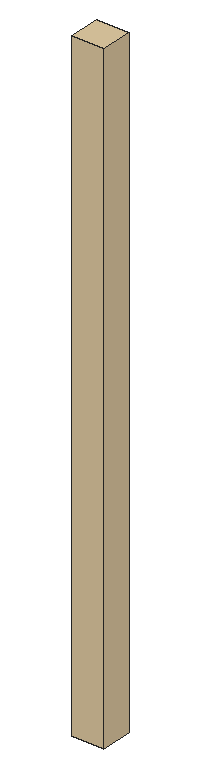
Revit family "67cc9b8e19a54a27b764a0ba0b546856", category Structural Columns, Revit 2021
Family settings
  Section Shape = Not Defined
  Material for Model Behavior = Wood
  Always export as geometry = No
  Beam cutback in plan = From bounding box
  OmniClass Number = 23.25.30.11.14.11
  OmniClass Title = Columns
  Seek Item ID = Timber-Column-0000-USA-ENU
  Cut with Voids When Loaded = No
  Symbolic Representation = From Project Settings
  Shared = No
  Show family pre-cut in plan views = Yes
Parameters (values of type "6x6")
  Structural Material [instance] = Softwood, Lumber
  A = 30.24 in²
  Assembly Code = "B10"
  b = 0' - 5 1/2"
  d = 0' - 5 1/2"
Reference planes (in)
  plane 1 "Center (Front/Back)": y = 0
  plane 2: z = 0
  plane 3 "Center (Left/Right)": x = 0
  plane 4: x = -2.75
  plane 5: x = 2.75
  plane 6: y = 2.75
  plane 7: y = -2.75
Forms (in)
  Extrusion 1, solid, material "Softwood, Lumber" <- "Structural Material", detail levels medium+fine
    sketch origin (0, 0, 0) x (1, 0, 0) y (0, 1, 0)
      loop
        line (-2.75, 2.75) -> (-2.75, -2.75) -> (2.75, -2.75) -> (2.75, 2.75) -> (-2.75, 2.75)
    from 0 to 108
Lines and regions (in)
  symbolic lines, style "StructuralColumnStickSymbols", detail levels coarse
    curve 1: line (-2.75, 2.75, 0) -> (2.75, 2.75, 0)
    curve 2: line (-2.75, -2.75, 0) -> (2.75, -2.75, 0)
    curve 3: line (-2.75, 2.75, 0) -> (-2.75, -2.75, 0)
    curve 4: line (2.75, 2.75, 0) -> (2.75, -2.75, 0)
Dimensions and locks (in)
  equal spacing: plane 4, plane 3 "Center (Left/Right)", plane 5
  equal spacing: plane 7, plane 1 "Center (Front/Back)", plane 6
  "d": plane 7 to plane 6
  "b": plane 4 to plane 5
  aligned and locked: plane 6 to Extrusion 1 sketch curve
  aligned and locked: Extrusion 1 sketch curve to plane 7
  aligned and locked: Extrusion 1 sketch curve to plane 4
  aligned and locked: plane 5 to Extrusion 1 sketch curve
  aligned and locked: level to Extrusion 1
  aligned and locked: level to plane 2
  aligned and locked: Extrusion 1 to plane 2
Automatic sketch dimensions
  curve 3 to plane 4 = 0' - 0"
  curve 4 to plane 5 = 0' - 0"
  curve 3 to plane 7 = 0' - 0"
  curve 3 to plane 6 = 0' - 0"
